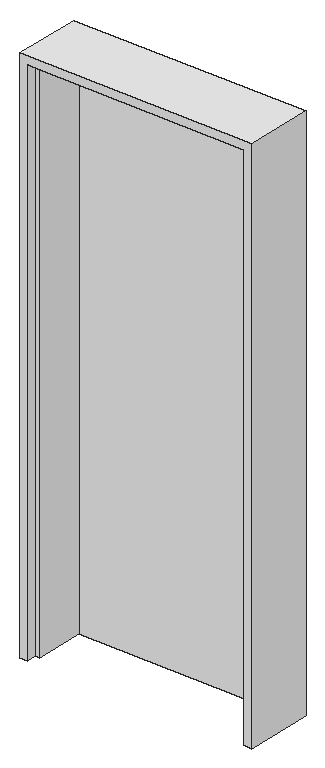
Revit family
Parameters
  프레임 투영 외부. = 25 mm
  프레임 투영 내부. = 25 mm
  프레임 폭 = 75 mm
  Height = 2100 mm
  Wall Closure = (empty or 0)
  Width = 900 mm
  문 패널 = FSD1 문 패널
  문 프레임 = FSD1 문 프레임
Reference planes
  plane 1: y = 0
  plane 2 "중심(왼쪽/오른쪽)": x = 0
  plane 3 "왼쪽": x = -450
  plane 4 "오른쪽": x = 450
  plane 5: z = 2100
  plane 6 "외부": y = 100
  plane 7 "내부": y = -100
  plane 8: y = 130
  plane 9: y = -130
  plane 10: y = 95
  plane 11: y = -95
  plane 12: x = 420
  plane 13: x = 400
  plane 14: x = -420
  plane 15: x = -400
  plane 16: z = 2070
  plane 17: z = 2050
  plane 18: x = 385
  plane 19: z = 900
  plane 20: x = 305
Forms (mm)
  Sweep 1, solid, material "FSD1 문 프레임" <- "문 프레임"
    path origin (2625, -130, 1200) x (1, 0, 0) y (0, 0, 1)
      loop
        line (-3075, -1200) -> (-3075, 900) -> (-2175, 900) -> (-2175, -1200)
    profile origin (-450, -130, 1050) x (-1, 0, 0) y (0, -1, 0)
      loop
        line (0, -260) -> (0, 0) -> (-30, 0) -> (-30, -35) -> (-50, -35) -> (-50, -225) -> (-30, -225) -> (-30, -260) -> (0, -260)
  Extrusion 2, solid, material "FSD1 문 패널" <- "문 패널"
    sketch origin (0, 0, 0) x (1, 0, 0) y (0, 1, 0)
      loop
        line (-420, 130) -> (-420, 95) -> (420, 95) -> (420, 130) -> (-420, 130)
    from 0 to 2070
Lines and regions (mm)
  Opening 1
    outline origin (-3050, -100, 0) x (1, 0, 0) y (0, 0, 1)
      loop
        line (2600, 0) -> (3500, 0) -> (3500, 2100) -> (2600, 2100) -> (2600, 0)
  symbolic lines, style "평면 스윙"
    curve 1: line (385, 130, 0) -> (420, 130, 0)
    curve 2: line (-420, 130, 0) -> (-420, 970, 0)
    curve 3: line (-420, 970, 0) -> (-385, 970, 0)
    curve 4: line (-385, 970, 0) -> (-385, 130, 0)
    curve 5: line (-385, 130, 0) -> (-420, 130, 0)
    curve 6: arc (-385, 970, 0) -> (186.47, 711.93, 0) -> (420, 130, 0) r 840
  symbolic lines, style "입면도 스윙"
    curve 7: line (420, 100, 2070) -> (-420, 100, 1035)
    curve 8: line (-420, 100, 1035) -> (420, 100, 0)
  reference lines
    curve 9: line (320, 100, 0) -> (320, 100, 2070)
  symbolic lines
    curve 10: circle (305, 100, 900) r 40 normal (0, -1, 0)
    curve 11: line (305, 100, 1000) -> (305, 100, 800)
    curve 12: line (385, 100, 900) -> (205, 100, 900)
    curve 13: line (-113.922, 100, 2008.183) -> (-313.922, 100, 2008.183)
    curve 14: line (-113.922, 100, 1948.183) -> (-113.922, 100, 2008.183)
    curve 15: line (-313.922, 100, 1948.183) -> (-113.922, 100, 1948.183)
    curve 16: line (-313.922, 100, 2008.183) -> (-313.922, 100, 1948.183)
    curve 17: line (-53.922, 100, 1978.183) -> (-373.922, 100, 1978.183)
Text (mm)
  text "외부" at (-2295.016, 1099.543, 0), in view "참조 레벨"
  text "외부" at (0, 1615.38, 3698.081), in view "왼쪽"
  text "외부" at (0, 1036.032, 3874.932), in view "오른쪽"
Dimensions and locks
  equal spacing: plane 3 "왼쪽", plane 2 "중심(왼쪽/오른쪽)", plane 4 "오른쪽"
  "Width": plane 3 "왼쪽" to plane 4 "오른쪽"
  "Height": plane 5 to host wall
  host wall to plane 5 = 2100 mm  (x2)
  locked: plane 6 "외부" to host wall at 0
  locked: plane 7 "내부" to host wall
  plane 9 to plane 7 "내부" to plane 11 = 30 mm locked, 5 mm locked
  plane 10 to plane 6 "외부" to plane 8 = 5 mm locked, 30 mm locked
  plane 3 "왼쪽" to plane 14 to plane 15 = 30 mm locked, 20 mm locked
  plane 13 to plane 12 to plane 4 "오른쪽" = 20 mm locked, 30 mm locked
  plane 17 to plane 16 to plane 5 = 20 mm locked, 30 mm locked
  locked: plane 18 to plane 12 at 35
  locked: level to plane 19 at 900
  locked: plane 20 to plane 18 at 80
  aligned and locked: plane 3 "왼쪽" to Opening 1 sketch curve
  aligned and locked: plane 5 to Opening 1 sketch curve  (x2)
  aligned and locked: Opening 1 sketch curve to plane 4 "오른쪽"
  aligned and locked: Opening 1 sketch curve to level
  aligned and locked: plane 1 to host wall
  aligned and locked: Sweep 1 sketch curve to host wall  (x4)
  aligned and locked: plane 8 to Sweep 1 sketch curve
  aligned and locked: plane 14 to Sweep 1 sketch curve
  aligned and locked: plane 15 to Sweep 1 sketch curve
  aligned and locked: Sweep 1 sketch curve to plane 9
  aligned and locked: Sweep 1 sketch curve to plane 3 "왼쪽"
  aligned and locked: Sweep 1 to Extrusion 2 sketch curve
  aligned and locked: plane 8 to Extrusion 2 sketch curve
  aligned and locked: Extrusion 2 sketch curve to Sweep 1  (x2)
  aligned and locked: Extrusion 2 to plane 16
  aligned and locked: Sweep 1 to curve 2
  aligned and locked: curve 7 to Sweep 1
  aligned and locked: Sweep 1 to curve 8  (x2)
Automatic sketch dimensions
  Sweep 1 sketch curve to level = 0 mm
  profile plane to Sweep 1 sketch curve = 30 mm
  Sweep 1 sketch curve to plane 9 = 35 mm
  Sweep 1 sketch curve to Sweep 1 sketch curve = 35 mm
  curve 4 to plane 8 = 0 mm
  curve 1 to plane 8 = 0 mm
  curve 1 to plane 18 = 0 mm
  curve 6 to plane 12 = 0 mm
  curve 6 to plane 14 = 0 mm
  curve 3 to plane 15 = 15 mm
  curve 6 to plane 8 = 0.729 mm
  curve 9 to plane 16 = 0 mm
  curve 9 to level = 0 mm
  plane 18 to curve 9 = 65 mm
  curve 12 to plane 19 = 0 mm
  curve 11 to plane 20 = 0 mm
  curve 10 to plane 19 = 0 mm
  curve 10 to plane 20 = 0 mm
  curve 12 to plane 18 = 0 mm
  curve 8 to level = 0 mm
  curve 7 to plane 16 = 0 mm
  curve 17 to plane 15 = 26.078 mm
  curve 17 to curve 16 = 60 mm
  curve 14 to plane 2 "중심(왼쪽/오른쪽)" = 113.922 mm
  curve 17 to plane 2 "중심(왼쪽/오른쪽)" = 53.922 mm
  curve 12 to curve 10 = 100 mm
  curve 11 to plane 19 = 100 mm
  plane 19 to curve 11 = 100 mm
  plane 19 to curve 7 = 135 mm
  plane 17 to curve 15 = 101.817 mm
  curve 15 to curve 17 = 30 mm
  plane 17 to curve 16 = 41.817 mm
  radius of curve 10 = 40 mm
